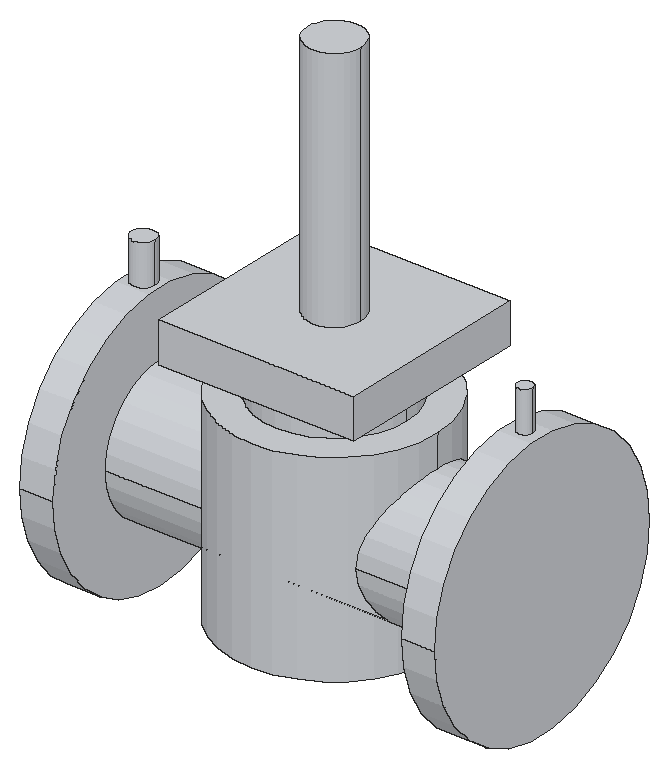
Revit family "OPTIMA_Compact_FLANGE_PN16_DN080-LF_RFA_2019", category Pipe Accessories, Revit 2019
Family settings
  Round Connector Dimension = Use Diameter
  Part Type = Valve - Breaks Into
  Work Plane-Based = No
  Always vertical = Yes
  Cut with Voids When Loaded = No
  Shared = No
Parameters (values of type "Optima Compact Flange PN16 DN080 LF")
  magiProductId = "Frese Optima Flange DN080 LF"
  magiProductFamilyId = "Frese Optima Flange *"
  magiPartTypeId = 304
  isMeasuringValve [instance] = no
  ang2D [instance] = 0.00°
  W2D = 50 mm
  VersionID = "2.0/2018.8.28.1/FRESE_OPTIMA_FLANGE_Q13_002"
  Use Minimum Symbol Size [instance] = yes
  URL = "www.hydronix.cz"
  Type Comments = "Přírubový; PN16; 0~120°C, s měřením"
  R4 = 54.25 mm
  R3 = 52 mm
  R1 = 77.5 mm
  QmdConnectorList = "301;D;302;D"
  Productdata [instance] = ""
  Manufacturer = "Hydronix"
  MC Product Code = "53-1202 (DN80 LF; 20mm; pohon min 1000N; Qmin-dpmin 5300l/h-16.0kPa; Qmax-dpmin 34000l/h-25.0kPa; dpmax 800kPa)"
  MC Piping Given Pressure Drop [instance] = 0.0 Pa
  LF__ve = -LF  # -24.8 mm
  LF2 = 12.4 mm
  LF = 24.8 mm
  L4 = 145.7 mm
  L3 = 260.4 mm
  L2D_Min = 3048 mm
  L2D = 230 mm
  L2 = 155 mm
  H6 = 183 mm
  H4 = 30 mm
  H3 = 25 mm
  H2 = 75 mm
  H1 = 150 mm
  Description = "Tlakově nezávislý 2-cestný regulační vyvažovací ventil (PICV)"
  DF2 = 100 mm
  D = 80 mm
  CAT0 = yes
Types (14, lengths in mm): name | magiProductId | magiProductFamilyId | W2D | Type Comments | R4 | R3 | R1 | MC Product Code | LF__ve | LF2 | LF | L4 | L3 | L2D | L2 | H6 | H4 | H3 | H2 | H1 | DF2 | D
  Optima Compact Flange PN16 DN050 LF | "Frese Optima Flange DN050 LF" | "Frese Optima Flange *" | 50 | "Přírubový; PN16; 0~120°C, s měřením" | 40.3 | 42.9 | 57.5 | "53-1200 (DN50 LF; 20mm; pohon min 1000N; Qmin-dpmin 2500l/h-6.5kPa; Qmax-dpmin 15000l/h-20.0kPa; dpmax 800kPa)" | -18.4 | 9.2 | 18.4 | 108.1 | 193.2 | 230 | 115 | 157.3 | 24.8 | 20.6 | 61.9 | 123.8 | 82.5 | 50
  Optima Compact Flange PN16 DN050 HF | "Frese Optima Flange DN050 HF" | "Frese Optima Flange *" | 50 | "Přírubový; PN16; 0~120°C, s měřením" | 40.25 | 42.9 | 57.5 | "53-1210 (DN50 HF; 20mm; pohon min 1000N; Qmin-dpmin 3900l/h-19.0kPa; Qmax-dpmin 24000l/h-50.0kPa; dpmax 800kPa)" | -18.4 | 9.2 | 18.4 | 108.1 | 193.2 | 230 | 115 | 157.25 | 24.75 | 20.625 | 61.875 | 123.75 | 82.5 | 50
  Optima Compact Flange PN16 DN065 LF | "Frese Optima Flange DN065 LF" | "Frese Optima Flange *" | 50 | "Přírubový; PN16; 0~120°C, s měřením" | 50.75 | 48.1 | 72.5 | "53-1201 (DN65 LF; 20mm; pohon min 1000N; Qmin-dpmin 4400l/h-15.0kPa; Qmax-dpmin 25000l/h-25.0kPa; dpmax 800kPa)" | -23.2 | 11.6 | 23.2 | 136.3 | 243.6 | 230 | 145 | 171.25 | 27.75 | 23.125 | 69.375 | 138.75 | 92.5 | 65
  Optima Compact Flange PN16 DN065 HF | "Frese Optima Flange DN065 HF" | "Frese Optima Flange *" | 50 | "Přírubový; PN16; 0~120°C, s měřením" | 50.75 | 48.1 | 72.5 | "53-1211 (DN65 HF; 20mm; pohon min 1000N; Qmin-dpmin 6000l/h-30.0kPa; Qmax-dpmin 35000l/h-55.0kPa; dpmax 800kPa)" | -23.2 | 11.6 | 23.2 | 136.3 | 243.6 | 230 | 145 | 171.25 | 27.75 | 23.125 | 69.375 | 138.75 | 92.5 | 65
  Optima Compact Flange PN16 DN080 LF | "Frese Optima Flange DN080 LF" | "Frese Optima Flange *" | 50 | "Přírubový; PN16; 0~120°C, s měřením" | 54.25 | 52 | 77.5 | "53-1202 (DN80 LF; 20mm; pohon min 1000N; Qmin-dpmin 5300l/h-16.0kPa; Qmax-dpmin 34000l/h-25.0kPa; dpmax 800kPa)" | -24.8 | 12.4 | 24.8 | 145.7 | 260.4 | 230 | 155 | 183 | 30 | 25 | 75 | 150 | 100 | 80
  Optima Compact Flange PN16 DN080 HF | "Frese Optima Flange DN080 HF" | "Frese Optima Flange *" | 50 | "Přírubový; PN16; 0~120°C, s měřením" | 54.25 | 52 | 77.5 | "53-1212 (DN80 HF; 20mm; pohon min 1000N; Qmin-dpmin 7000l/h-23.0kPa; Qmax-dpmin 43000l/h-50.0kPa; dpmax 800kPa)" | -24.8 | 12.4 | 24.8 | 145.7 | 260.4 | 230 | 155 | 183 | 30 | 25 | 75 | 150 | 100 | 80
  Optima Compact Flange PN16 DN100 LF | "Frese Optima Flange DN100 LF" | "Frese Optima Flange *" | 50 | "Přírubový; PN16; 0~120°C, s měřením" | 61.25 | 61.1 | 87.5 | "53-1203 (DN100 LF; 40mm; pohon min 1000N; Qmin-dpmin 12100l/h-20.0kPa; Qmax-dpmin 68000l/h-35.0kPa; dpmax 800kPa)" | -28 | 14 | 28 | 164.5 | 294 | 230 | 175 | 268.75 | 35.25 | 29.375 | 88.125 | 176.25 | 117.5 | 100
  Optima Compact Flange PN16 DN100 HF | "Frese Optima Flange DN100 HF" | "Frese Optima Flange *" | 50 | "Přírubový; PN16; 0~120°C, s měřením" | 61.25 | 61.1 | 87.5 | "53-1213 (DN100 HF; 40mm; pohon min 1000N; Qmin-dpmin 14800l/h-30.0kPa; Qmax-dpmin 90000l/h-75.0kPa; dpmax 800kPa)" | -28 | 14 | 28 | 164.5 | 294 | 230 | 175 | 268.75 | 35.25 | 29.375 | 88.125 | 176.25 | 117.5 | 100
  Optima Compact Flange PN16 DN125 LF | "Frese Optima Flange DN125 LF" | "Frese Optima Flange *" | 50 | "Přírubový; PN16; 0~120°C, s měřením" | 70 | 70.2 | 100 | "53-1204 (DN125 LF; 40mm; pohon min 1000N; Qmin-dpmin 18500l/h-16.0kPa; Qmax-dpmin 110000l/h-35.0kPa; dpmax 800kPa)" | -32 | 16 | 32 | 188 | 336 | 230 | 200 | 275.5 | 40.5 | 33.75 | 101.25 | 202.5 | 135 | 125
  Optima Compact Flange PN16 DN125 HF | "Frese Optima Flange DN125 HF" | "Frese Optima Flange *" | 50 | "Přírubový; PN16; 0~120°C, s měřením" | 70 | 70.2 | 100 | "53-1214 (DN125 HF; 40mm; pohon min 1000N; Qmin-dpmin 23000l/h-27.0kPa; Qmax-dpmin 135000l/h-53.0kPa; dpmax 800kPa)" | -32 | 16 | 32 | 188 | 336 | 230 | 200 | 275.5 | 40.5 | 33.75 | 101.25 | 202.5 | 135 | 125
  Optima Compact Flange PN16 DN150 LF | "Frese Optima Flange DN150 LF" | "Frese Optima Flange *" | 50 | "Přírubový; PN16; 0~110°C, s měřením" | 84 | 74.1 | 120 | "53-1205 (DN150 LF; 43mm; pohon min 1500N; Qmin-dpmin 25600l/h-21.0kPa; Qmax-dpmin 148000l/h-35.0kPa; dpmax 800kPa)" | -38.4 | 19.2 | 38.4 | 225.6 | 403.2 | 230 | 240 | 279.25 | 42.75 | 35.625 | 106.875 | 213.75 | 142.5 | 150
  Optima Compact Flange PN16 DN150 HF | "Frese Optima Flange DN150 HF" | "Frese Optima Flange *" | 50 | "Přírubový; PN16; 0~110°C, s měřením" | 84 | 74.1 | 120 | "53-1215 (DN150 HF; 43mm; pohon min 1500N; Qmin-dpmin 32000l/h-33.0kPa; Qmax-dpmin 195000l/h-65.0kPa; dpmax 800kPa)" | -38.4 | 19.2 | 38.4 | 225.6 | 403.2 | 230 | 240 | 279.25 | 42.75 | 35.625 | 106.875 | 213.75 | 142.5 | 150
  Optima Compact Flange PN16 DN200 LF | "" | "" | 100 | "Přírubový; PN16; 0~110°C, s měřením" | 164.5 | 98.8 | 235 | "53-1206 (DN200 LF; 43mm; pohon min 1500N; Qmin-dpmin 95000l/h-11.0kPa; Qmax-dpmin 210000l/h-32.0kPa; dpmax 800kPa)" | -48 | 24 | 48 | 282 | 504 | 350 | 300 | 281 | 57 | 15 | 209 | 380 | 190 | 200
  Optima Compact Flange PN16 DN200 HF | "" | "" | 100 | "Přírubový; PN16; 0~110°C, s měřením" | 164.5 | 98.8 | 235 | "53-1216 (DN200 HF; 43mm; pohon min 1500N; Qmin-dpmin 130000l/h-31.0kPa; Qmax-dpmin 280000l/h-78.0kPa; dpmax 800kPa)" | -48 | 24 | 48 | 282 | 504 | 350 | 300 | 281 | 57 | 15 | 209 | 380 | 190 | 200
Reference planes
  plane 1 "Center (Front/Back)": y = 0
  plane 2 "XYPLANE": z = 0
  plane 3 "Center (Left/Right)": x = 0
  plane 4 "157": x = 142.6
  plane 5 "156": x = -142.6
  plane 6 "155": z = 100
  plane 7 "154": z = 130
  plane 8 "153": z = 100
  plane 9 "152": z = 75
  plane 10 "151": x = -130.2
  plane 11 "150": z = -75
  plane 12 "149": x = 0
  plane 13 "148": y = 0
  plane 14 "147": z = 0
  plane 15 "146": x = -155
  plane 16 "145": x = 155
Forms (mm)
  Extrusion 1, solid, visible <- "CAT0"
    sketch origin (-750, 0, 100) x (1, 0, 0) y (0, 1, 0)
      loop
        circle (892.6, 0) r 5.5
    from 0 to 30
  Extrusion 2, solid, visible <- "CAT0"
    sketch origin (-750, 0, 100) x (1, 0, 0) y (0, 1, 0)
      loop
        circle (607.4, 0) r 8.7
    from 0 to 30
  Extrusion 3, solid, visible <- "CAT0"
    sketch origin (-750, 0, 130) x (1, 0, 0) y (0, 1, 0)
      loop
        circle (750, 0) r 20
    from 0 to 183 <- "H6"
  Extrusion 4, solid, visible <- "CAT0"
    sketch origin (-750, 0, 100) x (1, 0, 0) y (0, 1, 0)
      loop
        line (822.85, 72.85) -> (677.15, 72.85) -> (677.15, -72.85) -> (822.85, -72.85) -> (822.85, 72.85)
    from 0 to 30 <- "H4"
  Extrusion 5, solid, visible <- "CAT0"
    sketch origin (-750, 0, 75) x (1, 0, 0) y (0, 1, 0)
      loop
        circle (750, 0) r 54.25
    from 0 to 25 <- "H3"
  Extrusion 6, solid, visible <- "CAT0"
    sketch origin (-130.2, -750, 0) x (0, 1, 0) y (0, 0, 1)
      loop
        circle (750, 0) r 52
    from 0 to 260.4 <- "L3"
  Extrusion 7, solid, visible <- "CAT0"
    sketch origin (-750, 0, -75) x (1, 0, 0) y (0, 1, 0)
      loop
        circle (750, 0) r 77.5
    from 0 to 150 <- "H1"
  Extrusion 8, solid, visible <- "CAT0"
    sketch origin (-155, -750, 0) x (0, 1, 0) y (0, 0, 1)
      loop
        circle (750, 0) r 100
    from 0 to 24.8 <- "LF"
  Extrusion 9, solid, visible <- "CAT0"
    sketch origin (155, -750, 0) x (0, 1, 0) y (0, 0, 1)
      loop
        circle (750, 0) r 100
    from 0 to -24.8 <- "LF__ve"
  Extrusion 10, solid, not visible
    sketch origin (-155, -750, 0) x (0, 1, 0) y (0, 0, 1)
      loop
        circle (750, 0) r 10
    from 0 to 10
  Extrusion 11, solid, not visible
    sketch origin (155, -750, 0) x (0, 1, 0) y (0, 0, 1)
      loop
        circle (750, 0) r 10
    from 0 to -10
Lines and regions (mm)
  reference lines, not visible
    curve 1: circle (2, 2, 0) r 1 normal (0, 0, 1)
  reference lines
    curve 2: circle (0, 0, 100) r 1 normal (0, 0, 1)
Dimensions and locks
  plane 1 "Center (Front/Back)" to curve 1 = 2 mm
  "LF2": plane 16 "145" to plane 4 "157"
  "LF2": plane 15 "146" to plane 5 "156"
  "DF2": plane 2 "XYPLANE" to plane 6 "155"
  "H4": plane 8 "153" to plane 7 "154"
  "H3": plane 9 "152" to plane 8 "153"
  "H1": plane 11 "150" to plane 9 "152"
  "LF": plane 15 "146" to plane 10 "151"
  "H2": plane 2 "XYPLANE" to plane 11 "150"
  locked: plane 3 "Center (Left/Right)" to plane 12 "149"
  locked: plane 1 "Center (Front/Back)" to plane 13 "148"
  locked: plane 2 "XYPLANE" to plane 14 "147"
  "L2": plane 3 "Center (Left/Right)" to plane 15 "146"
  "L2": plane 3 "Center (Left/Right)" to plane 16 "145"
  equal spacing: Extrusion 4 sketch curve, curve 2, Extrusion 4 sketch curve  (x2)
  "L4": Extrusion 4 sketch curve to Extrusion 4 sketch curve  (x2)
  Extrusion 4 sketch curve to Extrusion 4 sketch curve = 0 mm  (x8)
  "R4": radius of Extrusion 5 sketch curve
  "R3": radius of Extrusion 6 sketch curve
  "R1": radius of Extrusion 7 sketch curve
  "DF2": radius of Extrusion 8 sketch curve
  "DF2": radius of Extrusion 9 sketch curve
  aligned and locked: level to plane 2 "XYPLANE"
  aligned and locked: plane 4 "157" to Extrusion 1 sketch curve
  aligned and locked: plane 13 "148" to Extrusion 1 sketch curve
  aligned and locked: plane 5 "156" to Extrusion 2 sketch curve
  aligned and locked: plane 13 "148" to Extrusion 2 sketch curve
  aligned and locked: plane 12 "149" to Extrusion 3 sketch curve
  aligned and locked: plane 13 "148" to Extrusion 3 sketch curve
  aligned and locked: plane 12 "149" to curve 2
  aligned and locked: plane 13 "148" to curve 2
  aligned and locked: plane 12 "149" to Extrusion 5 sketch curve
  aligned and locked: plane 13 "148" to Extrusion 5 sketch curve
  aligned and locked: Extrusion 6 sketch curve to plane 13 "148"
  aligned and locked: plane 14 "147" to Extrusion 6 sketch curve
  aligned and locked: plane 12 "149" to Extrusion 7 sketch curve
  aligned and locked: plane 13 "148" to Extrusion 7 sketch curve
  aligned and locked: Extrusion 8 sketch curve to plane 13 "148"
  aligned and locked: plane 14 "147" to Extrusion 8 sketch curve
  aligned and locked: Extrusion 9 sketch curve to plane 13 "148"
  aligned and locked: plane 14 "147" to Extrusion 9 sketch curve
  aligned and locked: Extrusion 10 sketch curve to plane 13 "148"
  aligned and locked: plane 14 "147" to Extrusion 10 sketch curve
  aligned and locked: Extrusion 11 sketch curve to plane 13 "148"
  aligned and locked: plane 14 "147" to Extrusion 11 sketch curve
Automatic sketch dimensions
  Extrusion 1 sketch curve to plane 4 "157" = 5.5 mm
  plane 15 "146" to Extrusion 2 sketch curve = 3.7 mm
  Extrusion 3 sketch curve to plane 3 "Center (Left/Right)" = 20 mm
  plane 1 "Center (Front/Back)" to Extrusion 10 sketch curve = 10 mm
  plane 1 "Center (Front/Back)" to Extrusion 11 sketch curve = 10 mm
  plane 3 "Center (Left/Right)" to curve 1 = 2 mm
  plane 10 "151" to Extrusion 4 sketch curve = 57.35 mm
  plane 1 "Center (Front/Back)" to Extrusion 4 sketch curve = 72.85 mm
  radius of curve 2 = 1 mm
  radius of curve 1 = 1 mm
Connectors
  piping at (-155, 0, 0), diameter 80, driven by "D"
    settings: on Extrusion 10, index 1, connector inside diameter 609.6 mm, connector length 0 mm, flow factor 0, pipe flow 0.0 L/s, pressure drop 0.0 Pa, fitting loss kfactor 0, connector angle 0.00°, fixture units 0, engagement length 0 mm, angle of deflection 0.00°, flow configuration 0, flow direction 0, fitting loss method 0, system type 29, joint type 0, gender type 0, connector reference index 2, connector utility 0, adjustable connector no, is connector primary yes, connector description ""
  piping at (155, 0, 0), diameter 80, driven by "D"
    settings: on Extrusion 11, index 2, connector inside diameter 609.6 mm, connector length 0 mm, flow factor 0, pipe flow 0.0 L/s, pressure drop 0.0 Pa, fitting loss kfactor 0, connector angle 0.00°, fixture units 0, engagement length 0 mm, angle of deflection 0.00°, flow configuration 0, flow direction 0, fitting loss method 0, system type 29, joint type 0, gender type 0, connector reference index 1, connector utility 0, adjustable connector no, is connector primary no, connector description ""
